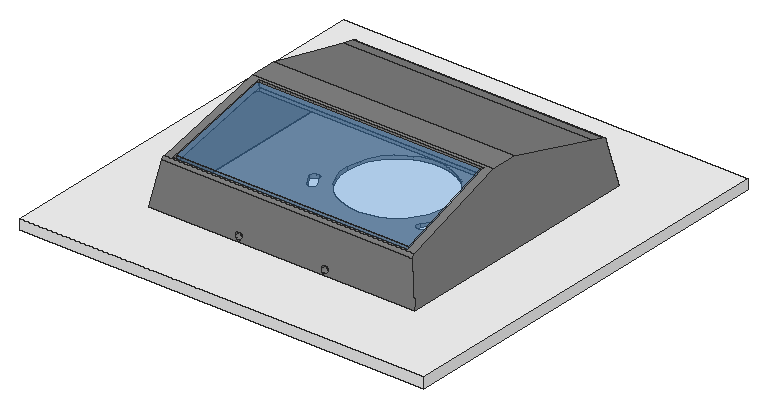
Revit family "BE_84174_de_DE", category Leuchten, Revit 2020
Family settings
  Basisbauteil = Fläche
  Bemaßung runder Anschluss = Durchmesser verwenden
  Teiletyp = Normal
  Beim Laden mit Abzugskörper schneiden = Ja
  Lichtquelle = Ja
  Gemeinsam genutzt = Nein
  Raumberechnungspunkt = Ja
Parameters (values of type "BEGA_84174_Grafit_K4")
  built-in parameter 1150104 = 18.516 (stored number, unit not read)
  Wattage = 29.1 W
  Default Elevation = 0 mm
  built-in parameter 1150113 = 1 (stored number, unit not read)
  built-in parameter 1114218 = 1 (stored number, unit not read)
  Umgebungstemperatur = "25 °C"
  URL = "https://www.bega.com/de/produkt/84174"
  Typenkommentare = "© 2022 BEGA. Wir behalten uns das Recht vor, technische Änderungen ohne vorherige Ankündigung vorzunehmen."  # constant formula
  Type Image = 84174.png
  built-in parameter 1150134 = 12
  built-in parameter 1150109 = 1 (stored number, unit not read)
  Strom = ""
  built-in parameter 1150110 = 1 (stored number, unit not read)
  Spannung = 239.996 V
  Sonderanfertigung = no
  Seriennummer [instance] = "Hier können Sie die eindeutige Seriennummer für das Facility Management eintragen."
  Schutzklasse = "I"
  Schutzart = "IP 67"
  Scheinlast = 0 VA
  Produktdatenblatt = "https://cdn.bega.com/bega/products/84174K4/current/documents/data-sheets/de"
  Oberflächentemperatur = "30 °C"
  Neigungswinkel = 0.00°
  Modell = "84174K4"
  Material_17 = BEGA_Reflektor
  Material_15 = BEGA_Leuchtmedium_matt
  Material_11 = BEGA_Glas_opal
  Material_10 = BEGA_Glas_matt
  Material_09 = BEGA_Glas_klar
  Material_06 = BEGA_Oberfläche_Edelstahl_gebürstet
  Material_03 = BEGA_Oberfläche_Weiss_matt
  Material_02 = BEGA_Oberfläche_Silber_matt
  Material_01 [instance] = BEGA_Oberfläche_Grafit_matt
  M_W = no
  M_G = yes
  M_A = no
  Logo = 0
  built-in parameter 1114217 = 1 (stored number, unit not read)
  built-in parameter 1150139 = (empty or 0)
  built-in parameter 1150105 = 461.52 (stored number, unit not read)
  built-in parameter 1150114 = 1 (stored number, unit not read)
  Lumens = 5799.63 lm
  built-in parameter 1150115 = 1 (stored number, unit not read)
  Leuchtenlichtstrom = "4201 lm"
  Leuchtenanzahl = ""
  Lebensdauerkriterien = "L70B50 @ 25 °C = 200000 h"
  Lastklassifizierung = Beleuchtung
  built-in parameter 1150112 = 1 (stored number, unit not read)
  Lampenlichtstrom = "5800 lm"
  Lampe = "LED 29.1 W"
  LED_Modulbezeichnung = "LED-0903/840"
  built-in parameter 1150142 = (empty or 0)
  Hersteller = "BEGA"  # constant formula
  Halbstreuwinkel = ""
  Gewicht = "5.2 kg"
  Gebrauchslageneinschränkung [instance] = ""
  Frequenz = "0/50-60 Hz"
  Farbwiedergabeindex = "CRI > 80"
  Farbtemperaturverschiebung bei Dämpfen der Lampe = <Keine Auswahl>
  Farbtemperatur = "4000 K"
  Farbfilter = 16777215
  Erdstück = no
  built-in parameter 1150133 = 10 (stored number, unit not read)
  Energieeffizienzklasse = "LED A++ - A"
  built-in parameter 1150137 = (empty or 0)
  built-in parameter 1150132 = (empty or 0)
  Einbaugehäuse = no
  ENEC = "ja"
  Dimmbar [instance] = "DALI"
  Datei für fotometrisches Netz = "BE_84174K4.IES"
  CE_Konformität = "ja"
  Bestellnummer_Erdstück = if(Erdstück, "70896", "---")  # "---"
  Bestellnummer_Einbaugehäuse = if(Einbaugehäuse, "71246", "---")  # "---"
  Bestellnummer = "84174K4"
  Beschreibung_Sonderanfertigung = "Hier können Sie Informationen zur Sonderanfertigung eintragen."
  Beschreibung = "Bodenaufbauscheinwerfer"
  built-in parameter 1150106 = 4.6152 (stored number, unit not read)
  Befestigungsbohrung = "Ø 9 mm"
  Befestigungsabstand = "170 x 170 mm"
  Ballwurfsicher = ""
  BEGA_Intern_aus = yes
  BEGA_Intern_an = yes
  BEGA_Intern_Konstruktion = yes
  BEGA_Intern = yes
  BEGA_IES = yes
  BEGA_Dummy = no
  Anschlussleitung = "1.8 m 07RN8-F 5 G 1²"
  Anschlussleistung [instance] = "33.2 W"
  built-in parameter 1150107 = 4000 (stored number, unit not read)
  built-in parameter 1150102 = (empty or 0)
  built-in parameter 1150138 = (empty or 0)
  Aktualisierung = "2022-05-19T04:00:07"
  Abstand_zur_angestrahlten_Fläche [instance] = ""
  AC/DC = "AC/DC"
Types (2, lengths in mm): name | built-in parameter 1150104 | built-in parameter 1150134 | Modell | built-in parameter 1150105 | Lumens | Leuchtenlichtstrom | Lampenlichtstrom | LED_Modulbezeichnung | Farbtemperatur | Datei für fotometrisches Netz | Bestellnummer | built-in parameter 1150106 | built-in parameter 1150107
  BEGA_84174_Grafit_K3 | 13.044 (stored number, unit not read) | (empty or 0) | "84174K3" | 325.12 (stored number, unit not read) | 4085.64 lm | "4085 lm" | "5640 lm" | "LED-0903/830" | "3000 K" | "BE_84174K3.IES" | "84174K3" | 3.2512 (stored number, unit not read) | 3000 (stored number, unit not read)
  BEGA_84174_Grafit_K4 | 18.516 (stored number, unit not read) | 12 | "84174K4" | 461.52 (stored number, unit not read) | 5799.63 lm | "4201 lm" | "5800 lm" | "LED-0903/840" | "4000 K" | "BE_84174K4.IES" | "84174K4" | 4.6152 (stored number, unit not read) | 4000 (stored number, unit not read)
Reference planes
  plane 1 "Mitte (Vorne/Hinten)": y = 0
  plane 2: z = 0
  plane 3 "Mitte (Links/Rechts)": x = 0
  plane 4 "Links": x = -131.5
  plane 5 "Rechts": x = 131.5
  plane 6 "Unten": y = -126.524
  plane 7 "Oben": y = 126.476
  plane 8 "Vorne": z = 73.75
  plane 9 "Hinten": z = 0
Forms (mm)
  Extrusion 1, solid, material "BEGA_Platte_Weiss"
    sketch origin (0, -1119.2, 0) x (1, 0, 0) y (0, 1, 0)
      loop
        line (-200, 1319.2) -> (-200, 919.2) -> (200, 919.2) -> (200, 1319.2) -> (-200, 1319.2)
    from 0 to -10
  Extrusion 2, solid, material "BEGA_Dummy_matt", visible <- "BEGA_Dummy"
    sketch origin (80.095, -76.023, 0) x (1, 0, 0) y (0, 1, 0)
      loop
        line (-211.595, 202.499) -> (-211.595, -50.501) -> (51.405, -50.501) -> (51.405, 202.499) -> (-211.595, 202.499)
    from 0 to 73.75
Dimensions and locks
  plane 1 "Mitte (Vorne/Hinten)" to Extrusion 1 = 200 mm
  aligned and locked: plane 2 to Extrusion 1
  aligned and locked: level to Extrusion 1
Nested families
  nested 1: "BE_84174" at (0, 0, 0) x (-1, 0, 0) z (0, 0, 1), type "BE_84174"
Connectors
  electrical at (0, 0, 0), driven by "Lastklassifizierung", driven by "Spannung", driven by "Scheinlast"
    settings: index 1, voltage 239.996 V, apparent load 0 VA, apparent load phase1 0 VA, apparent load phase2 0 VA, apparent load phase3 0 VA, power factor 1, load classification "Beleuchtung", number of poles 1, system type 31, power factor state 1, is connector primary yes, connector utility no, sub classification motor no, connector description ""
Definition of nested family "BE_84174"
  Parameters (values of type "BE_84174")
    Default Elevation = 1 mm
    URL = "http://www.bega.de/de/produkt"
    Type Comments = "© 2015 BEGA. Wir behalten uns das Recht vor, technische Änderungen ohne vorherige Ankündigung vorzunehmen. "  # constant formula
    Type Image = (empty or 0)
    Neigungswinkel_um_Z2 = 0.00°
    Neigungswinkel_um_Z1 = 0.00°
    Neigungswinkel_um_Y2 = 0.00°
    Neigungswinkel_um_Y1 = 0.00°
    Neigungswinkel_um_X2 = 0.00°
    Neigungswinkel_um_X1 = 0.00°
    Material_17 = none
    Material_15 = none
    Material_11 = none
    Material_10 = none
    Material_09 = none
    Material_06 = none
    Material_02 = none
    Material_01 = none
    M_W = yes
    M_G = yes
    M_A = yes
    Länge_Platte = 200 mm  # constant formula
    Höhe_Platte = -10 mm  # constant formula
    Manufacturer = "BEGA"  # constant formula
    Drehwinkel_um_Z2 = 0.00°
    Drehwinkel_um_Z1 = 0.00°
    Breite_Platte = 200 mm  # constant formula
  Reference planes
    plane 1 "Mitte (Oben/Unten)": y = 0
    plane 2: z = 0
    plane 3 "Mitte (Links/Rechts)": x = 0
    plane 4 "Vorne": z = 73.75
    plane 5 "Hinten": z = -20
    plane 6: x = 131.5
    plane 7: x = -131.5
    plane 8: y = -126.476
    plane 9: y = 126.524
  Forms (mm)
    Extrusion 1, solid, detail levels medium
      sketch origin (0, 0, 0) x (1, 0, 0) y (0, 1, 0)
        loop
          line (-100, 100) -> (-100, -100) -> (100, -100) -> (100, 100) -> (-100, 100)
      from 0 to -10 <- "Höhe_Platte"
    Extrusion 2, solid, material <- "Material_01"
      sketch origin (0, 0, 0) x (0, 1, 0) y (0, 0, 1)
        loop
          line (126.524, 2.25) -> (119.364, 42.858)
          arc (119.364, 42.858) -> (118.372, 44.874) -> (116.448, 46.038) r 4
          line (116.448, 46.038) -> (13.024, 73.75) -> (-12.976, 73.75) -> (-104.244, 49.295) -> (-116.424, 46.031)
          arc (-116.424, 46.031) -> (-118.329, 44.868) -> (-119.314, 42.866) r 4
          line (-119.314, 42.866) -> (-126.476, 2.25) -> (-121.399, 2.25) -> (-118.578, 18.25) -> (-104.92, 18.25) -> (-104.92, 22.25) -> (-96.549, 22.25) -> (-94.771, 42.57)
          arc (-94.771, 42.57) -> (-93.39, 45.903) -> (-90.347, 47.842) r 6
          line (-90.347, 47.842) -> (-16.462, 67.64) -> (-15.286, 63.25) -> (20.523, 63.25) -> (20.961, 64.884) -> (114.863, 39.587) -> (121.447, 2.25) -> (126.524, 2.25)
      from -131.5 to 131.5
    Extrusion 3, solid, material <- "Material_01"
      sketch origin (0, 0, 0) x (0, 1, 0) y (0, 0, 1)
        loop
          line (119.524, 0) -> (119.524, 3) -> (-119.476, 3) -> (-119.476, 0) -> (119.524, 0)
      from -125 to 125
    Extrusion 4, void
      sketch origin (0, 0, 0) x (1, 0, 0) y (0, 0, 1)
        loop
          line (-131.685, 1.199) -> (-118.54, 75.751) -> (-136.089, 75.751) -> (-149.234, 1.199) -> (-131.685, 1.199)
        loop
          line (118.54, 75.751) -> (131.685, 1.199) -> (151.994, 1.199) -> (138.848, 75.751) -> (118.54, 75.751)
      from -130.614 to 128.043
    Blend 5, solid, material <- "Material_01"
      base sketch origin (0, 0, 0) x (1, 0, 0) y (0, 0, 1)
        loop
          line (-131.5, 2.25) -> (-127.561, 2.25) -> (-114.953, 73.75) -> (-118.892, 73.752) -> (-131.5, 2.25)
      top sketch origin (0, 0, 0) x (1, 0, 0) y (0, 0, 1)
        loop
          line (-120.544, 42.043) -> (-124.483, 42.043) -> (-131.5, 2.25) -> (-127.561, 2.25) -> (-120.544, 42.043)
      from 0 to 116.404
    Blend 6, solid, material <- "Material_01"
      base sketch origin (0, 0, 0) x (1, 0, 0) y (0, 0, -1)
        loop
          line (-131.5, -2.25) -> (-118.892, -73.752) -> (-114.953, -73.75) -> (-127.561, -2.25) -> (-131.5, -2.25)
      top sketch origin (0, 0, 0) x (1, 0, 0) y (0, 0, -1)
        loop
          line (-120.544, -42.043) -> (-127.561, -2.25) -> (-131.5, -2.25) -> (-124.483, -42.043) -> (-120.544, -42.043)
      from 0 to 118.024
    Blend 7, solid, material <- "Material_01"
      base sketch origin (0, 0, 0) x (1, 0, 0) y (0, 0, 1)
        loop
          line (-126.914, 28.258) -> (-131.5, 2.25) -> (-127.561, 2.25) -> (-122.975, 28.258) -> (-126.914, 28.258)
      top sketch origin (0, 0, 0) x (1, 0, 0) y (0, 0, 1)
        loop
          line (-131.5, 2.25) -> (-127.561, 2.25) -> (-126.141, 10.303) -> (-130.08, 10.303) -> (-131.5, 2.25)
      from 116.404 to 122.561
    Blend 8, solid, material <- "Material_01"
      base sketch origin (0, 0, 0) x (1, 0, 0) y (0, 0, -1)
        loop
          line (-126.914, -28.258) -> (-122.975, -28.258) -> (-127.561, -2.25) -> (-131.5, -2.25) -> (-126.914, -28.258)
      top sketch origin (0, 0, 0) x (1, 0, 0) y (0, 0, -1)
        loop
          line (-131.5, -2.25) -> (-130.08, -10.303) -> (-126.141, -10.303) -> (-127.561, -2.25) -> (-131.5, -2.25)
      from 118.024 to 122.561
    Blend 9, solid, material <- "Material_01"
      base sketch origin (0, 0, 0) x (-1, 0, 0) y (0, 0, -1)
        loop
          line (-131.5, -2.25) -> (-118.892, -73.752) -> (-114.953, -73.75) -> (-127.561, -2.25) -> (-131.5, -2.25)
      top sketch origin (0, 0, 0) x (-1, 0, 0) y (0, 0, -1)
        loop
          line (-120.544, -42.043) -> (-127.561, -2.25) -> (-131.5, -2.25) -> (-124.483, -42.043) -> (-120.544, -42.043)
      from 0 to 116.404
    Blend 10, solid, material <- "Material_01"
      base sketch origin (0, 0, 0) x (-1, 0, 0) y (0, 0, 1)
        loop
          line (-131.5, 2.25) -> (-127.561, 2.25) -> (-114.953, 73.75) -> (-118.892, 73.752) -> (-131.5, 2.25)
      top sketch origin (0, 0, 0) x (-1, 0, 0) y (0, 0, 1)
        loop
          line (-120.544, 42.043) -> (-124.483, 42.043) -> (-131.5, 2.25) -> (-127.561, 2.25) -> (-120.544, 42.043)
      from 0 to 118.024
    Blend 11, solid, material <- "Material_01"
      base sketch origin (0, 0, 0) x (-1, 0, 0) y (0, 0, -1)
        loop
          line (-126.914, -28.258) -> (-122.975, -28.258) -> (-127.561, -2.25) -> (-131.5, -2.25) -> (-126.914, -28.258)
      top sketch origin (0, 0, 0) x (-1, 0, 0) y (0, 0, -1)
        loop
          line (-131.5, -2.25) -> (-130.08, -10.303) -> (-126.141, -10.303) -> (-127.561, -2.25) -> (-131.5, -2.25)
      from 116.404 to 122.561
    Blend 12, solid, material <- "Material_01"
      base sketch origin (0, 0, 0) x (-1, 0, 0) y (0, 0, 1)
        loop
          line (-126.914, 28.258) -> (-131.5, 2.25) -> (-127.561, 2.25) -> (-122.975, 28.258) -> (-126.914, 28.258)
      top sketch origin (0, 0, 0) x (-1, 0, 0) y (0, 0, 1)
        loop
          line (-131.5, 2.25) -> (-127.561, 2.25) -> (-126.141, 10.303) -> (-130.08, 10.303) -> (-131.5, 2.25)
      from 118.024 to 122.561
    Extrusion 13, void
      sketch origin (0, 0, 0) x (1, 0, 0) y (0, 1, 0)
        loop
          line (-111.503, 15.561) -> (111.502, 15.561) -> (116.208, 115.16) -> (-116.208, 115.16) -> (-111.503, 15.561)
      from 34.55 to 73.75
    Extrusion 14, solid, material <- "Material_10"
      sketch origin (0, 0, 0) x (0, 1, 0) y (0, 0, 1)
        loop
          line (112.697, 47.043) -> (17.553, 72.536) -> (16.04, 66.889) -> (111.141, 41.237) -> (112.697, 47.043)
      from -120.706 to 116.805
    Extrusion 15, void
      sketch origin (0, 0, 0) x (1, 0, 0) y (0, 1, 0)
        loop
          line (-114.449, 113.3) -> (-126.768, 113.3) -> (-126.768, 15.561) -> (-110.069, 15.561) -> (-114.449, 113.3)
        loop
          line (114.449, 113.3) -> (110.069, 15.561) -> (126.768, 15.561) -> (126.768, 113.3) -> (114.449, 113.3)
      from 0 to 76.05
    Extrusion 16, void
      sketch origin (0, 0, 0) x (1, 0, 0) y (0, 0, 1)
        loop
          circle (42.5, 7.25) r 3.5
        loop
          circle (-42.5, 7.25) r 3.5
      from -136.148 to -109.024
    Extrusion 17, void
      sketch origin (0, 0, 0) x (1, 0, 0) y (0, 1, 0)
        loop
          circle (0, -17) r 50
        loop
          arc (-50.382, 18.269) -> (-51.48, 24.54) -> (-57.75, 23.437) r 4.5
          arc (-57.75, 23.437) -> (-61.055, 18.25) -> (-63.895, 12.795) r 70.5
          arc (-63.895, 12.795) -> (-61.715, 6.813) -> (-55.735, 8.997) r 4.5
          arc (-55.735, 8.997) -> (-53.261, 13.75) -> (-50.382, 18.269) r 61.5
        loop
          arc (55.737, 8.993) -> (61.718, 6.814) -> (63.895, 12.795) r 4.5
          arc (63.895, 12.795) -> (61.055, 18.25) -> (57.751, 23.435) r 70.5
          arc (57.751, 23.435) -> (51.484, 24.541) -> (50.379, 18.274) r 4.5
          arc (50.379, 18.274) -> (53.26, 13.75) -> (55.737, 8.993) r 61.5
        loop
          arc (-5.351, -78.267) -> (-10.235, -82.352) -> (-6.144, -87.232) r 4.5
          arc (-6.144, -87.232) -> (0, -87.5) -> (6.144, -87.232) r 70.5
          arc (6.144, -87.232) -> (10.235, -82.352) -> (5.351, -78.267) r 4.5
          arc (5.351, -78.267) -> (0, -78.5) -> (-5.351, -78.267) r 61.5
      from 0 to 10.303
  Cuts and joins
    Extrusion 4, Extrusion 13, Extrusion 16, Extrusion 17 cuts Extrusion 2
    Extrusion 13, Extrusion 16, Extrusion 17 cuts Blend 5
    Extrusion 13, Extrusion 16, Extrusion 17 cuts Blend 6
    Extrusion 13, Extrusion 16, Extrusion 17 cuts Blend 7
    Extrusion 13, Extrusion 16, Extrusion 17 cuts Blend 8
    Extrusion 13, Extrusion 16, Extrusion 17 cuts Blend 9
    Extrusion 13, Extrusion 16, Extrusion 17 cuts Blend 10
    Extrusion 13, Extrusion 16, Extrusion 17 cuts Blend 11
    Extrusion 13, Extrusion 16, Extrusion 17 cuts Blend 12
    joined: Extrusion 2, Blend 5, Blend 6, Blend 7, Blend 8, Blend 9, Blend 10, Blend 11, Blend 12
    Extrusion 13, Extrusion 17 cuts Extrusion 3
    Extrusion 15, Extrusion 17 cuts Extrusion 14
  Dimensions and locks
    equal spacing: Extrusion 1 sketch curve, plane 3 "Mitte (Links/Rechts)", Extrusion 1 sketch curve
    equal spacing: Extrusion 1 sketch curve, plane 1 "Mitte (Oben/Unten)", Extrusion 1 sketch curve
    "Länge_Platte": Extrusion 1 sketch curve to Extrusion 1 sketch curve
    "Breite_Platte": Extrusion 1 sketch curve to Extrusion 1 sketch curve
    aligned and locked: plane 2 to Extrusion 1
    aligned and locked: level to Extrusion 1
  Automatic sketch dimensions
    level to Extrusion 2 sketch curve = 2.25 mm  (x2)
    Extrusion 2 sketch curve to Extrusion 2 sketch curve = 5.077 mm  (x2)
    Extrusion 2 sketch curve to Extrusion 2 sketch curve = 2.821 mm
    Extrusion 2 sketch curve to Extrusion 2 sketch curve = 2.154 mm
    Extrusion 2 sketch curve to Extrusion 2 sketch curve = 1.049 mm
    Extrusion 2 sketch curve to Extrusion 2 sketch curve = 13.658 mm
    Extrusion 2 sketch curve to Extrusion 2 sketch curve = 8.371 mm
    Extrusion 2 sketch curve to Extrusion 2 sketch curve = 7.755 mm
    plane 1 "Mitte (Oben/Unten)" to Extrusion 2 sketch curve = 16.462 mm
    Extrusion 2 sketch curve to Extrusion 2 sketch curve = 1.176 mm
    Extrusion 2 sketch curve to Extrusion 2 sketch curve = 3.486 mm
    Extrusion 2 sketch curve to plane 1 "Mitte (Oben/Unten)" = 13.024 mm
    Extrusion 2 sketch curve to Extrusion 2 sketch curve = 7.499 mm
    Extrusion 2 sketch curve to Extrusion 2 sketch curve = 0.438 mm
    level to Extrusion 2 sketch curve = 39.587 mm
    Extrusion 2 sketch curve to Extrusion 2 sketch curve = 0.56 mm
    Extrusion 2 sketch curve to Extrusion 2 sketch curve = 1.025 mm
    level to Extrusion 2 sketch curve = 42.858 mm
    Extrusion 2 sketch curve to Extrusion 2 sketch curve = 3.941 mm
    Extrusion 2 sketch curve to Extrusion 2 sketch curve = 6.583 mm
    level to Extrusion 2 sketch curve = 18.25 mm
    Extrusion 2 sketch curve to Extrusion 2 sketch curve = 4 mm
    Extrusion 2 sketch curve to Extrusion 2 sketch curve = 19.797 mm
    Extrusion 2 sketch curve to Extrusion 2 sketch curve = 19.921 mm
    Extrusion 2 sketch curve to Extrusion 2 sketch curve = 2.584 mm
    Extrusion 2 sketch curve to Extrusion 2 sketch curve = 3.86 mm
    level to Extrusion 2 sketch curve = 63.25 mm
    Extrusion 2 sketch curve to Extrusion 2 sketch curve = 1.634 mm
    Extrusion 2 sketch curve to Extrusion 2 sketch curve = 4.39 mm
    Extrusion 2 sketch curve to Extrusion 2 sketch curve = 6.11 mm
    Extrusion 2 sketch curve to Extrusion 2 sketch curve = 3.939 mm
    Extrusion 2 sketch curve to Extrusion 2 sketch curve = 0 mm  (x8)
    Extrusion 2 sketch curve to Extrusion 2 sketch curve = 12.18 mm
    level to Extrusion 2 sketch curve = 42.57 mm
    Extrusion 2 sketch curve to Extrusion 2 sketch curve = 5.977 mm
    Extrusion 2 sketch curve to Extrusion 2 sketch curve = 1.553 mm
    Extrusion 2 sketch curve to Extrusion 2 sketch curve = 6.725 mm
    Extrusion 3 sketch curve to level = 0 mm
    level to Extrusion 3 sketch curve = 3 mm
    level to Extrusion 4 sketch curve = 1.199 mm  (x2)
    Extrusion 4 sketch curve to Extrusion 4 sketch curve = 17.549 mm  (x2)
    Extrusion 4 sketch curve to Extrusion 4 sketch curve = 20.309 mm  (x2)
    Extrusion 4 sketch curve to Extrusion 4 sketch curve = 74.552 mm  (x2)
    level to Blend 5 sketch curve = 2.25 mm  (x2)
    Blend 5 sketch curve to Blend 5 sketch curve = 3.939 mm  (x4)
    Blend 5 sketch curve to Blend 5 sketch curve = 8.668 mm
    Blend 5 sketch curve to Blend 5 sketch curve = 71.5 mm
    Blend 5 sketch curve to Blend 5 sketch curve = 0.002 mm
    Blend 5 sketch curve to Blend 5 sketch curve = 3.077 mm
    Blend 5 sketch curve to Blend 5 sketch curve = 39.793 mm
    level to Blend 6 sketch curve = 2.25 mm  (x2)
    Blend 6 sketch curve to Blend 6 sketch curve = 3.939 mm  (x4)
    Blend 6 sketch curve to Blend 6 sketch curve = 8.668 mm
    Blend 6 sketch curve to Blend 6 sketch curve = 71.5 mm
    Blend 6 sketch curve to Blend 6 sketch curve = 0.002 mm
    Blend 6 sketch curve to Blend 6 sketch curve = 3.077 mm
    Blend 6 sketch curve to Blend 6 sketch curve = 39.793 mm
    level to Blend 7 sketch curve = 2.25 mm  (x2)
    Blend 7 sketch curve to Blend 7 sketch curve = 3.939 mm  (x4)
    Blend 7 sketch curve to Blend 7 sketch curve = 0.647 mm
    Blend 7 sketch curve to Blend 7 sketch curve = 26.008 mm
    level to Blend 7 sketch curve = 10.303 mm
    Blend 7 sketch curve to Blend 7 sketch curve = 1.42 mm
    level to Blend 8 sketch curve = 2.25 mm  (x2)
    Blend 8 sketch curve to Blend 8 sketch curve = 3.939 mm  (x4)
    Blend 8 sketch curve to Blend 8 sketch curve = 0.647 mm
    Blend 8 sketch curve to Blend 8 sketch curve = 26.008 mm
    level to Blend 8 sketch curve = 10.303 mm
    Blend 8 sketch curve to Blend 8 sketch curve = 1.42 mm
    Blend 9 sketch curve to level = 2.25 mm  (x2)
    Blend 9 sketch curve to Blend 9 sketch curve = 3.939 mm  (x4)
    Blend 9 sketch curve to Blend 9 sketch curve = 8.668 mm
    Blend 9 sketch curve to Blend 9 sketch curve = 71.5 mm
    Blend 9 sketch curve to Blend 9 sketch curve = 0.002 mm
    Blend 9 sketch curve to Blend 9 sketch curve = 3.077 mm
    Blend 9 sketch curve to Blend 9 sketch curve = 39.793 mm
    level to Blend 10 sketch curve = 2.25 mm  (x2)
    Blend 10 sketch curve to Blend 10 sketch curve = 3.939 mm  (x4)
    Blend 10 sketch curve to Blend 10 sketch curve = 8.668 mm
    Blend 10 sketch curve to Blend 10 sketch curve = 71.5 mm
    Blend 10 sketch curve to Blend 10 sketch curve = 0.002 mm
    Blend 10 sketch curve to Blend 10 sketch curve = 3.077 mm
    Blend 10 sketch curve to Blend 10 sketch curve = 39.793 mm
    Blend 11 sketch curve to level = 2.25 mm  (x2)
    Blend 11 sketch curve to Blend 11 sketch curve = 3.939 mm  (x4)
    Blend 11 sketch curve to Blend 11 sketch curve = 0.647 mm
    Blend 11 sketch curve to Blend 11 sketch curve = 26.008 mm
    Blend 11 sketch curve to level = 10.303 mm
    Blend 11 sketch curve to Blend 11 sketch curve = 1.42 mm
    level to Blend 12 sketch curve = 2.25 mm  (x2)
    Blend 12 sketch curve to Blend 12 sketch curve = 3.939 mm  (x4)
    Blend 12 sketch curve to Blend 12 sketch curve = 0.647 mm
    Blend 12 sketch curve to Blend 12 sketch curve = 26.008 mm
    level to Blend 12 sketch curve = 10.303 mm
    Blend 12 sketch curve to Blend 12 sketch curve = 1.42 mm
    Extrusion 14 sketch curve to plane 1 "Mitte (Oben/Unten)" = 16.04 mm
    level to Extrusion 14 sketch curve = 41.237 mm
    Extrusion 14 sketch curve to Extrusion 14 sketch curve = 1.513 mm
    Extrusion 14 sketch curve to Extrusion 14 sketch curve = 95.101 mm
    Extrusion 14 sketch curve to Extrusion 14 sketch curve = 1.556 mm
    Extrusion 14 sketch curve to Extrusion 14 sketch curve = 5.806 mm
    level to Extrusion 14 sketch curve = 66.889 mm
    Extrusion 14 sketch curve to Extrusion 14 sketch curve = 5.648 mm
    Extrusion 13 sketch curve to plane 1 "Mitte (Oben/Unten)" = 15.561 mm
    Extrusion 15 sketch curve to plane 1 "Mitte (Oben/Unten)" = 15.561 mm  (x2)
    Extrusion 15 sketch curve to Extrusion 15 sketch curve = 12.319 mm  (x2)
    Extrusion 15 sketch curve to Extrusion 15 sketch curve = 16.698 mm
    Extrusion 17 sketch curve to Extrusion 17 sketch curve = 0 mm  (x15)
    Extrusion 17 sketch curve to plane 3 "Mitte (Links/Rechts)" = 0 mm
    Extrusion 17 sketch curve to plane 3 "Mitte (Links/Rechts)" = 54.064 mm
    plane 1 "Mitte (Oben/Unten)" to Extrusion 17 sketch curve = 17 mm
    Extrusion 17 sketch curve to plane 1 "Mitte (Oben/Unten)" = 20.856 mm
    Extrusion 17 sketch curve to Extrusion 17 sketch curve = 3.682 mm
    Extrusion 17 sketch curve to Extrusion 17 sketch curve = 5.353 mm
    Extrusion 17 sketch curve to Extrusion 17 sketch curve = 3.686 mm  (x3)
    Extrusion 17 sketch curve to Extrusion 17 sketch curve = 8.16 mm
    Extrusion 17 sketch curve to plane 1 "Mitte (Oben/Unten)" = 8.997 mm
    Extrusion 17 sketch curve to Extrusion 17 sketch curve = 3.797 mm
    Extrusion 17 sketch curve to Extrusion 17 sketch curve = 4.081 mm
    Extrusion 17 sketch curve to Extrusion 17 sketch curve = 1.896 mm
    Extrusion 17 sketch curve to Extrusion 17 sketch curve = 0.001 mm  (x3)
    Extrusion 17 sketch curve to Extrusion 17 sketch curve = 0.002 mm  (x2)
    Extrusion 17 sketch curve to plane 1 "Mitte (Oben/Unten)" = 20.854 mm
    plane 3 "Mitte (Links/Rechts)" to Extrusion 17 sketch curve = 54.065 mm
    Extrusion 17 sketch curve to Extrusion 17 sketch curve = 5.358 mm
    Extrusion 17 sketch curve to Extrusion 17 sketch curve = 8.158 mm
    Extrusion 17 sketch curve to plane 1 "Mitte (Oben/Unten)" = 8.993 mm
    Extrusion 17 sketch curve to Extrusion 17 sketch curve = 3.802 mm
    Extrusion 17 sketch curve to plane 3 "Mitte (Links/Rechts)" = 5.752 mm
    Extrusion 17 sketch curve to Extrusion 17 sketch curve = 4.078 mm
    Extrusion 17 sketch curve to Extrusion 17 sketch curve = 65.749 mm
    Extrusion 17 sketch curve to Extrusion 17 sketch curve = 1.902 mm
    Extrusion 17 sketch curve to Extrusion 17 sketch curve = 0.392 mm
    Extrusion 17 sketch curve to Extrusion 17 sketch curve = 0.401 mm  (x2)
    plane 3 "Mitte (Links/Rechts)" to Extrusion 17 sketch curve = 5.351 mm
    plane 3 "Mitte (Links/Rechts)" to Extrusion 17 sketch curve = 6.144 mm
    Extrusion 17 sketch curve to Extrusion 17 sketch curve = 4.482 mm  (x2)
    Extrusion 17 sketch curve to Extrusion 17 sketch curve = 8.965 mm
    plane 3 "Mitte (Links/Rechts)" to Extrusion 4 sketch curve = 118.54 mm
    Extrusion 4 sketch curve to Extrusion 4 sketch curve = 7.163 mm
    Blend 9 sketch curve to plane 3 "Mitte (Links/Rechts)" = 131.5 mm  (x2)
    plane 3 "Mitte (Links/Rechts)" to Blend 10 sketch curve = 131.5 mm  (x2)
    Blend 11 sketch curve to plane 3 "Mitte (Links/Rechts)" = 131.5 mm  (x2)
    plane 3 "Mitte (Links/Rechts)" to Blend 12 sketch curve = 131.5 mm  (x2)
    plane 3 "Mitte (Links/Rechts)" to Extrusion 13 sketch curve = 111.502 mm
    Extrusion 13 sketch curve to Extrusion 13 sketch curve = 4.706 mm  (x2)
    plane 3 "Mitte (Links/Rechts)" to Extrusion 15 sketch curve = 110.069 mm
    Extrusion 15 sketch curve to Extrusion 15 sketch curve = 4.38 mm
    Extrusion 4 sketch curve to plane 3 "Mitte (Links/Rechts)" = 118.54 mm
    Extrusion 4 sketch curve to Extrusion 4 sketch curve = 4.404 mm
    Blend 5 sketch curve to plane 3 "Mitte (Links/Rechts)" = 131.5 mm  (x2)
    Blend 6 sketch curve to plane 3 "Mitte (Links/Rechts)" = 131.5 mm  (x2)
    Blend 7 sketch curve to plane 3 "Mitte (Links/Rechts)" = 131.5 mm  (x2)
    Blend 8 sketch curve to plane 3 "Mitte (Links/Rechts)" = 131.5 mm  (x2)
    Extrusion 13 sketch curve to plane 3 "Mitte (Links/Rechts)" = 111.503 mm
    Extrusion 15 sketch curve to plane 3 "Mitte (Links/Rechts)" = 110.069 mm
    Extrusion 2 sketch curve to Extrusion 2 sketch curve = 73.508 mm
    plane 1 "Mitte (Oben/Unten)" to Extrusion 3 sketch curve = 119.476 mm
    Extrusion 2 sketch curve to Extrusion 2 sketch curve = 93.902 mm
    Extrusion 3 sketch curve to plane 1 "Mitte (Oben/Unten)" = 119.524 mm
    Extrusion 13 sketch curve to Extrusion 13 sketch curve = 99.598 mm
    Extrusion 15 sketch curve to Extrusion 15 sketch curve = 97.739 mm  (x2)
    radius of Extrusion 17 sketch curve = 50 mm
